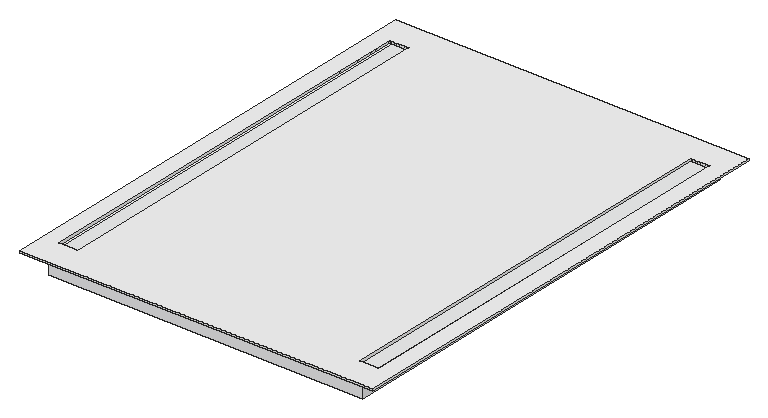
Revit family "Mirror-LED_Sidelit-Bobrick-B-169_Series", category Furniture, host Face, Revit 2019
Family settings
  Host = Face
  OmniClass Number = 23.40.95.17.17
  OmniClass Title = Mirrors
  Cut with Voids When Loaded = No
  Shared = Yes
  Room Calculation Point = No
Parameters (values of type "B-169 3040")
  Width = 30"
  Watts = 13.3 W
  Voltage = 24 V
  URL = "http://bobrick.com/"
  Type Comments = ""
  Revised Date = "08/26/2021"  # constant formula
  Product Page URL = "https://www.bobrick.com/products/washroom-accessories/washroom-accessories-catalog/product/b-169-series/"
  Product Documentation Link = "https://www.bobrick.com/wp-content/uploads/B-169_td.pdf"
  Price = "Prices may vary. Please consult Manufacturer Representative for most up-to-date price list."  # constant formula
  Mounting Panel Material = Metal-Bobrick-Aluminum
  Model = "B-169 3040"
  Mirror Material = Mirror-Bobrick
  Manufacturer = "Bobrick"  # constant formula
  Lumens = "1,340"
  Length = 1 3/4"
  Lamp = "LED"
  Installation Type = "Wall Mounted"
  Height = 40"
  Description = "B-169 Series \r\nLED Sidelit Mirror\r\nCommercial grade mirror construction combined with LED-lights reflecting quality, value and style. Mirror and mounting panel is IP44 rated, lead free silver backing exceeds ISO 9227:201, 120 hour corrosion testing. Light engine is IP66 rated with 50,000 hours estimated life. Dimming option. 30” cord with three-prong plug 6mm safety film backed glass mirror, with backside aluminum frame with key lock holes, for wall mounted installation."  # constant formula
  Default Elevation = 40"
  Creation Date = "12/047/2018"  # constant formula
  Assembly Code = "E2010"
  Apparent Load = 0 VA
Types (2): name | Width | Watts | Model | Lumens | Height
  B-169 2436 | 24" | 12 W | "B-169 2436" | "1,155" | 36"
  B-169 3040 | 30" | 13.3 W | "B-169 3040" | "1,340" | 40"
Reference planes (in)
  plane 1 "Center (Front/Back)": y = 0
  plane 2: z = 0
  plane 3 "Center (Left/Right)": x = 0
  plane 4: y = 40
  plane 5: x = -15
  plane 6: x = 15
  plane 7: y = 38.25
  plane 8: y = 20
  plane 9: y = 37.6
  plane 10: y = 2.4
  plane 11: x = -13.62
  plane 12: x = 13.62
  plane 13: x = -12.02
  plane 14: x = 12.02
  plane 15: y = -40
  plane 16: z = 1.75
  plane 17: z = 0
  plane 18: z = 1.55
Forms (in)
  Extrusion 1, solid, material "Mirror-Bobrick" <- "Mirror Material"
    sketch origin (0, 49.60732, 1.55) x (0, 1, 0) y (-1, 0, 0)
      loop
        line (-9.60732, 15) -> (-49.60732, 15) -> (-49.60732, -15) -> (-9.60732, -15) -> (-9.60732, 15)
      loop
        line (-47.20732, -13.62) -> (-12.00732, -13.62) -> (-12.00732, -12.02) -> (-47.20732, -12.02) -> (-47.20732, -13.62)
      loop
        line (-12.00732, 13.62) -> (-47.20732, 13.62) -> (-47.20732, 12.02) -> (-12.00732, 12.02) -> (-12.00732, 13.62)
    from 0 to 0.2
  Extrusion 2, solid, material "Metal-Bobrick-Aluminum" <- "Mounting Panel Material"
    sketch origin (0, 49.95317, 0) x (0, 1, 0) y (-1, 0, 0)
      loop
        line (-10.95317, 13.39891) -> (-48.95317, 13.39891) -> (-48.95317, -13.39891) -> (-10.95317, -13.39891) -> (-10.95317, 13.39891)
      loop
        line (-12.35317, -12.02) -> (-12.35317, 12.02) -> (-47.55317, 12.02) -> (-47.55317, -12.02) -> (-12.35317, -12.02)
    from 1.55 to 0
  Extrusion 3, solid
    sketch origin (0, 49.60732, 1.51875) x (-1, 0, 0) y (0, 1, 0)
      loop
        circle (0, -29.60732) r 0.25
    from 0.21261 to 0
  Extrusion 4, solid, material "PVC Film Backer-Bobrick-Frosted"
    sketch origin (0, 49.60732, 1.55) x (0, 1, 0) y (-1, 0, 0)
      loop
        line (-47.20732, -13.62) -> (-12.00732, -13.62) -> (-12.00732, 13.62) -> (-47.20732, 13.62) -> (-47.20732, -13.62)
    from 0 to -0.03125
Lines and regions (in)
  Masking region 1
    outline origin (0, 0, 0) x (1, 0, 0) y (0, 0, 1)
      loop
        line (15, 1.75) -> (-15, 1.75) -> (-15, 1.55) -> (-13.99891, 1.55) -> (-13.99891, 0) -> (13.99891, 0) -> (13.99891, 1.55) -> (15, 1.55) -> (15, 1.75)
  symbolic lines, detail levels medium+fine
    curve 1: line (-15, 0, 1.55) -> (15, 0, 1.55)
Dimensions and locks (in)
  "Width": plane 5 to plane 6
  "Height": plane 1 "Center (Front/Back)" to plane 4
  locked: plane 7 to plane 4 at 1.75
  equal spacing: plane 5, plane 3 "Center (Left/Right)", plane 6
  equal spacing: plane 1 "Center (Front/Back)", plane 8, plane 4
  locked: plane 10 to plane 1 "Center (Front/Back)" at 2.4
  locked: plane 9 to plane 4 at 2.4
  locked: plane 5 to plane 11 at 1.38
  locked: plane 12 to plane 6 at 1.38
  locked: plane 11 to plane 13 at 1.6
  locked: plane 14 to plane 12 at 1.6
  "Default Elevation": plane 15 to plane 1 "Center (Front/Back)"
  plane 16 to plane 18 = 0.2"
  "Length": plane 16 to plane 17
  locked: Extrusion 2 sketch curve to Extrusion 2 sketch curve at 1.4  (x2)
  locked: Extrusion 2 sketch curve to Extrusion 2 sketch curve at 1.37891  (x2)
  aligned and locked: plane 2 to host face
  aligned and locked: level to host face
  aligned and locked: plane 5 to Extrusion 1 sketch curve
  aligned and locked: Extrusion 1 sketch curve to plane 6
  aligned and locked: plane 4 to Extrusion 1 sketch curve
  aligned and locked: Extrusion 1 sketch curve to plane 1 "Center (Front/Back)"
  aligned and locked: host face to Extrusion 2
  aligned and locked: plane 8 to Extrusion 3 sketch curve
  aligned and locked: plane 3 "Center (Left/Right)" to Extrusion 3 sketch curve
  aligned and locked: plane 9 to Extrusion 1
  aligned and locked: plane 10 to Extrusion 1
  aligned and locked: plane 12 to Extrusion 1
  aligned and locked: Extrusion 1 to plane 14
  aligned and locked: plane 10 to Extrusion 1 sketch curve
  aligned and locked: plane 9 to Extrusion 1 sketch curve
  aligned and locked: Extrusion 1 sketch curve to plane 13
  aligned and locked: plane 11 to Extrusion 1 sketch curve
  aligned and locked: plane 16 to Extrusion 1
  aligned and locked: plane 11 to Extrusion 4 sketch curve
  aligned and locked: plane 12 to Extrusion 4 sketch curve
  aligned and locked: plane 10 to Extrusion 2 sketch curve
  aligned and locked: plane 9 to Extrusion 2 sketch curve
  aligned and locked: Masking region 1 sketch curve to Extrusion 1  (x4)
  aligned and locked: curve 1 to Extrusion 1
  aligned and locked: plane 13 to Extrusion 2 sketch curve
  aligned and locked: plane 14 to Extrusion 2 sketch curve
Automatic sketch dimensions
  host sketch curve to host sketch curve = 96"  (x2)
  Extrusion 1 sketch curve to plane 10 = 0"
  plane 9 to Extrusion 1 sketch curve = 0"
  Extrusion 1 sketch curve to plane 12 = 0"
  Extrusion 1 sketch curve to plane 14 = 0"
  Extrusion 4 sketch curve to plane 10 = 0"
  plane 9 to Extrusion 4 sketch curve = 0"
  Masking region 1 sketch curve to level = 0"
  Masking region 1 sketch curve to plane 18 = 0"
  curve 1 to plane 5 = 0"
  curve 1 to plane 6 = 0"
  Masking region 1 sketch curve to plane 11 = 97/256"
  Masking region 1 sketch curve to plane 12 = 97/256"
  radius of Extrusion 3 sketch curve = 1/4"
Connectors (in)
  electrical at (0, 20, 1.30614), driven by "Voltage", driven by "Apparent Load"
    settings: on Extrusion 3, index 1, voltage 24 V, apparent load 0 VA, apparent load phase1 0 VA, apparent load phase2 0 VA, apparent load phase3 0 VA, power factor 1, load classification "Other", number of poles 1, system type 30, power factor state 1, is connector primary yes, connector utility no, sub classification motor no, connector description "120V-24V Class 2 Power Supply"
